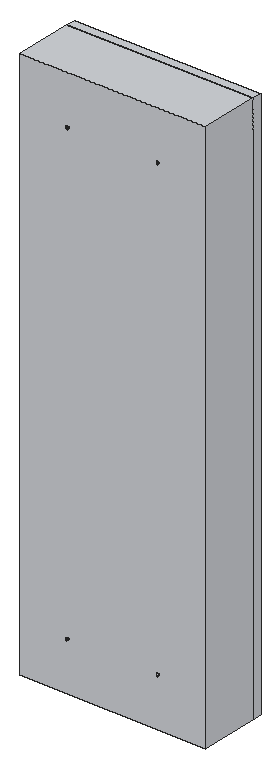
Revit family "AX9267-300X900-MC_0007", category Appareils sanitaires, Revit 2016
Family settings
  Hôte = Mur
  Type d'élément = Normal
  Cote de connecteur circulaire = Utiliser le diamètre
  Numéro OmniClass = 23.75.00.00
  Titre OmniClass = Climate Control (HVAC)
  Toujours verticalement = Oui
  Couper avec des vides une fois chargée = Non
  Partagée = Non
  Point de calcul de pièce = Non
Parameters (values of type "Type 1")
  URL = "https://www.axeuro.com/fr/combines/25416-combine-encastre-distributeur-d-essuie-mains-et-poubelle-ax9267-300x900-mc.html"
  Type de produit / Type of product = "Combiné : distributeur d'essuie-mains et poubelle / Combination paper towel dispenser with waste receptacle"  # constant formula
  Référence / Reference = "AX9267-300X900-MC"  # constant formula
  Model = ""
  Manufacturer = ""
  Entreprise / Company = "Axeuro"  # constant formula
  Description = ""
Reference planes
  plane 1 "Mur": y = 0
  plane 2 "Centre (gauche/droite)": x = 0
  plane 3 "Arrière": y = 75
Forms (mm)
  Extrusion 1, solid
    sketch origin (-807.606, 171, 1956.75) x (1, 0, 0) y (0, 0, 1)
      loop
        line (963.117, -576.75) -> (662.117, -576.75) -> (662.117, -1476.75) -> (963.117, -1476.75) -> (963.117, -576.75)
      loop
        line (961.417, -1475.05) -> (961.417, -578.45) -> (663.817, -578.45) -> (663.817, -1475.05) -> (961.417, -1475.05)
    from 1 to 96
  Extrusion 2, void
    sketch origin (-6.098, 91, 0.055) x (1, 0, 0) y (0, 0, 1)
      loop
        circle (-61.902, 1300.469) r 3
    from 14.3 to 16
  Extrusion 3, void
    sketch origin (16.098, 91, 0.055) x (-1, 0, 0) y (0, 0, -1)
      loop
        circle (-61.902, -1300.469) r 3
    from 14.3 to 16
  Extrusion 4, void
    sketch origin (-6.098, 91, -740.945) x (1, 0, 0) y (0, 0, 1)
      loop
        circle (-61.902, 1300.469) r 3
    from 14.3 to 16
  Extrusion 5, void
    sketch origin (16.098, 91, -740.945) x (-1, 0, 0) y (0, 0, -1)
      loop
        circle (-61.902, 1300.469) r 3
    from 14.3 to 16
  Extrusion 6, solid
    sketch origin (5, 171, 0) x (1, 0, 0) y (0, 0, 1)
      loop
        line (150.511, 1380) -> (-150.489, 1380) -> (-150.489, 480) -> (150.511, 480) -> (150.511, 1380)
      loop
        line (148.811, 1378.3) -> (-148.789, 1378.3) -> (-148.789, 481.7) -> (148.811, 481.7) -> (148.811, 1378.3)
    from -14.013 to 1
  Extrusion 7, solid
    sketch origin (5, 171, 0) x (1, 0, 0) y (0, 0, 1)
      loop
        line (150.011, 1380) -> (-149.989, 1380) -> (-149.989, 480) -> (150.011, 480) -> (150.011, 1380)
      loop
        line (100, 945) -> (100, 1195) -> (-100, 1195) -> (-100, 945) -> (100, 945)
    from -14.013 to -12.313
  Extrusion 8, solid
    sketch origin (5, 91, 0) x (1, 0, 0) y (0, 1, 0)
      loop
        line (-150.489, -14.3) -> (-150.489, -16) -> (150.511, -16) -> (150.511, -14.3) -> (-150.489, -14.3)
    from 480 to 1380
  Extrusion 9, void
    sketch origin (139.902, 91, -740.945) x (1, 0, 0) y (0, 0, 1)
      loop
        circle (-61.902, 1300.469) r 3
    from 14.3 to 16
Cuts and joins
  Extrusion 2, Extrusion 3, Extrusion 4, Extrusion 5, Extrusion 9 cuts Extrusion 1
  Extrusion 2, Extrusion 3, Extrusion 4, Extrusion 5, Extrusion 9 cuts Extrusion 8
  joined: Extrusion 1, Extrusion 8
  joined: Extrusion 6, Extrusion 7
Text (mm)
  text "Côté de la mise en place" at (-1820.995, 1116.779, 0), in view "Niveau de réf."
  text "Côté de la mise en place" at (0, 1334.055, 2976.191), in view "Gauche"
  text "Côté de la mise en place" at (0, 439.194, 2944.362), in view "Droite"
Dimensions and locks
  locked: plane 3 "Arrière" to host wall
  aligned and locked: plane 1 "Mur" to host wall
